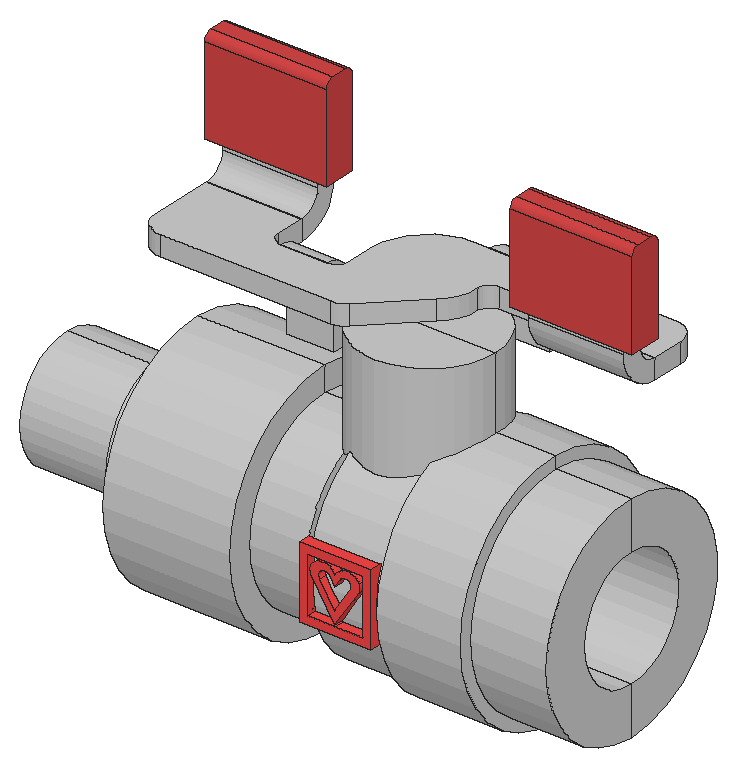
Revit family "Kugelhahn mit Knebelgriff (Blech) 2211", category Rohrzubehör, Revit 2021
Family settings
  Bemaßung runder Anschluss = Durchmesser verwenden
  Teiletyp = Unterbricht
  OmniClass-Nummer = 23.65.55.14
  OmniClass-Titel = Valves for Liquid Services
  Arbeitsebenenbasiert = Nein
  Immer vertikal = Ja
  Beim Laden mit Abzugskörper schneiden = Nein
  Gemeinsam genutzt = Nein
Parameters
  Vorgabe-Ansicht = 0.000 mm
  Min.Betriebstemperatur (Wasser) = 0.5 °C  # constant formula
  Min.Betriebstemperatur = -30 °C  # constant formula
  Max.Betriebstemperatur (Wasser - kein Dampf) = 110 °C  # constant formula
  Max.Betriebstemperatur = 150 °C  # constant formula
  Max.Betriebsdruck (Verschraubung) = 1600000.0 Pa  # constant formula
  Max.Betriebsdruck = 2500000.0 Pa  # constant formula
  W01 = 135.00°  # constant formula
  VRL02 [instance] = size_lookup("2211_3X_", "VRL2", 1.000 mm, Nennweite)  # 16.500 mm
  VRL01 [instance] = size_lookup("2211_3X_", "VRL1", 1.000 mm, Nennweite)  # 16.000 mm
  VRD02 [instance] = size_lookup("2211_3X_", "VRD2", 1.000 mm, Nennweite)  # 15.000 mm
  VRD01 [instance] = size_lookup("2211_3X_", "VRD1", 1.000 mm, Nennweite)  # 10.500 mm
  URL = "www.herz-armaturen.at"
  Spindeldichtung = "PTFE"  # constant formula
  Spindel = "Messing nach EN 12164, CW614N"  # constant formula
  SCRNSEQ = "ARM;ARM_TYP=\"ABVS\";2"
  SCRNCODE = "05;10;02"  # constant formula
  S04 [instance] = L07 + VRL01 + VRL02  # 45.600 mm
  S03 = 10.000 mm  # constant formula
  S02 [instance] = 2 * D01  # 19.050 mm
  S01 [instance] = L01 + L02 + L06  # 47.100 mm
  R01 [instance] = size_lookup("2211_3X_", "R1", 1.000 mm, Nennweite)  # 8.500 mm
  Nennweite [instance] = 15.000 mm
  Medium = "Heizungswasserqualität nach ÖNORM H 5195 oder VDI-Richtline 2035.\r\nDie Verwendung von Ethylen- oder Propylenglykol in einem Mischungsverhältnis 25 - 50% ist zulässig."
  L07 [instance] = L01 - L03  # 13.100 mm
  L06 [instance] = size_lookup("2211_3X_", "L6", 1.000 mm, Nennweite)  # 9.600 mm
  L05 [instance] = size_lookup("2211_3X_", "L5", 1.000 mm, Nennweite)  # 19.900 mm
  L04 [instance] = size_lookup("2211_3X_", "L4", 1.000 mm, Nennweite)  # 10.500 mm
  L03 [instance] = size_lookup("2211_3X_", "L3", 1.000 mm, Nennweite)  # 8.400 mm
  L02 [instance] = size_lookup("2211_3X_", "L2", 1.000 mm, Nennweite)  # 16.000 mm
  L01 [instance] = size_lookup("2211_3X_", "L1", 1.000 mm, Nennweite)  # 21.500 mm
  Kugeldichtung = "PTFE"  # constant formula
  Kugel = "geschmiedetes Messing nach EN 12165, voller Durchgang, verchromt, CW617N"  # constant formula
  Innengewinde = "nach ISO 228-1"  # constant formula
  IG [instance] = Nennweite / 2  # 7.500 mm
  Hersteller = "HERZ Armaturen Ges.m.b.H"  # constant formula
  H01 [instance] = size_lookup("2211_3X_", "H1", 1.000 mm, Nennweite)  # 24.000 mm
  Griff = "Knebelgriff rot, Stahlblech beschichtet"  # constant formula
  Gewicht [instance] = if(Nennweite = 15.000 mm, 0.23, if(Nennweite = 20.000 mm, 0.382, if(Nennweite = 25.000 mm, 0.669, if(Nennweite = 32.000 mm, 1.022, 0))))  # 0.23
  Gehäuse = "geschmiedetes Messing nach EN 12165, vernickelt, CW617N"  # constant formula
  GT1 [instance] = size_lookup("2211_3X_", "GT1", 1.000 mm, Nennweite)  # 10.000 mm
  GT [instance] = size_lookup("2211_3X_", "GT", 1.000 mm, Nennweite)  # 13.200 mm
  Einsatzbereich = "Kugelhähne werden zum Absperren von Leitungen und Anlagen verwendet.\r\nEinsatzbereiche sind Heizungs- und Kälteanlagen.\r\nDer Kugelhahn ist nicht geeignet für die Durchflussregelung und muss immer in voll geöffneter oder geschlossener Position verwendet werden."
  Dichtung (Verschraubung) DN32-DN50 = "KLINGER (Flachdichtung)"  # constant formula
  Dichtung (Verschraubung) DN15-DN25 = "EPDM (O-Ring)"  # constant formula
  DN25-DN32 [instance] = if(Nennweite = 25.000 mm, 38.000 mm, 43.000 mm)  # 43.000 mm
  DN25+DN32 [instance] = or(Nennweite = 25.000 mm, Nennweite = 32.000 mm)  # no
  DN15-DN20 [instance] = if(Nennweite = 15.000 mm, 28.000 mm, 31.000 mm)  # 28.000 mm
  DN15+DN20 [instance] = or(Nennweite = 15.000 mm, Nennweite = 20.000 mm)  # yes
  D05 [instance] = size_lookup("2211_3X_", "D5", 1.000 mm, Nennweite)  # 13.500 mm
  D04 [instance] = size_lookup("2211_3X_", "D4", 1.000 mm, Nennweite)  # 14.000 mm
  D03 [instance] = size_lookup("2211_3X_", "D3", 1.000 mm, Nennweite)  # 15.000 mm
  D02 [instance] = size_lookup("2211_3X_", "D2", 1.000 mm, Nennweite)  # 12.000 mm
  D01 [instance] = size_lookup("2211_3X_", "D1", 1.000 mm, Nennweite)  # 9.525 mm
  Bestellnummer [instance] = size_lookup("2211_3X_", "Artnr", 0, Nennweite)  # 1221131
  Außengewinde = "nach ISO 7-1"  # constant formula
  Anwendungen = "Der Kugelhahn wird in der Installation als Absperreinrichtung verwendet.\r\nAnwendungsgebiete sind Zentralheizungs- und Kälteanlagenlagen.\r\nDie Betriebsbedingungen (wie Temperatur und Druck) sollten konstant gehalten werden."
  AG [instance] = Nennweite / 2  # 7.500 mm
Reference planes
  plane 1 "Mitte (Vorne/hinten)": y = 0
  plane 2: z = 0
  plane 3 "Mitte (Links/rechts)": x = 0
Forms (mm)
  Revolve 1, solid, material "Messing, vernickelt", detail levels fine
    sketch origin (0, 0, 0) x (1, 0, 0) y (0, 0, 1)
      loop
        line (16, 13.5) -> (16, 15) -> (5.5, 15) -> (5.5, 14) -> (-3.9, 14) -> (-5.9, 12) -> (-13.1, 12) -> (-13.1, 9.525) -> (-21.5, 9.525) -> (-21.5, 0) -> (15.6, 0) -> (15.6, 7.5) -> (25.6, 7.5) -> (25.6, 13.5) -> (16, 13.5)
      axis (-21.5, 0) -> (25.6, 0)
    angle from 0 to 360
  Revolve 2, solid, material "Messing, vernickelt", detail levels fine
    sketch origin (0, 0, 0) x (1, 0, 0) y (0, 0, 1)
      loop
        line (0, 0) -> (5.522, 0) -> (5.522, 8.202) -> (8.5, 8.202) -> (8.5, 24) -> (0, 24) -> (0, 0)
      axis (0, 24) -> (0, 0)
    angle from 0 to 360
  Revolve 3, solid, material "Messing, vernickelt", detail levels fine
    sketch origin (0, 0, 0) x (1, 0, 0) y (0, 0, 1)
      loop
        line (-13.1, 9.525) -> (-13.1, 15) -> (-29.1, 15) -> (-29.1, 10.5) -> (-32.4, 10.5) -> (-32.4, 7.5) -> (-45.6, 7.5) -> (-45.6, 0) -> (-21.5, 0) -> (-21.5, 9.525) -> (-13.1, 9.525)
      axis (-45.6, 0) -> (-13.1, 0)
    angle from 0 to 360
Lines and regions (mm)
  model lines, detail levels coarse+medium
    curve 1: line (-23.55, 9.525, 0) -> (-23.55, -9.525, 0)
    curve 2: line (-23.55, -9.525, 0) -> (23.55, 9.525, 0)
    curve 3: line (23.55, 9.525, 0) -> (23.55, -9.525, 0)
    curve 4: line (23.55, -9.525, 0) -> (-23.55, 9.525, 0)
    curve 5: circle (0, 0, 0) r 9.525 normal (0, 0, 1)
    curve 6: line (-23.55, 0, 9.525) -> (-23.55, 0, -9.525)
    curve 7: line (-23.55, 0, -9.525) -> (23.55, 0, 9.525)
    curve 8: line (23.55, 0, 9.525) -> (23.55, 0, -9.525)
    curve 9: line (23.55, 0, -9.525) -> (-23.55, 0, 9.525)
    curve 10: circle (0, 0, 0) r 9.525 normal (0, -1, 0)
    curve 11: line (-23.55, 0, 9.525) -> (-33.55, 0, 9.525)
    curve 12: line (-33.55, 0, 9.525) -> (-23.55, 0, 0)
    curve 13: line (-23.55, 0, -9.525) -> (-33.55, 0, -9.525)
    curve 14: line (-33.55, 0, -9.525) -> (-23.55, 0, 0)
    curve 15: line (-23.55, 0, 0) -> (-45.6, 0, 0)
    curve 16: line (-23.55, 9.525, 0) -> (-33.55, 9.525, 0)
    curve 17: line (-33.55, 9.525, 0) -> (-23.55, 0, 0)
    curve 18: line (-23.55, -9.525, 0) -> (-33.55, -9.525, 0)
    curve 19: line (-33.55, -9.525, 0) -> (-23.55, 0, 0)
    curve 20: line (-23.55, 0, 0) -> (-45.6, 0, 0)
Dimensions and locks
  "L01": Revolve 1 sketch curve to plane 3 "Mitte (Links/rechts)"
  "L02": Revolve 1 sketch curve to plane 3 "Mitte (Links/rechts)"
  "D01": Revolve 1 sketch curve to plane 2
  "D02": Revolve 1 sketch curve to plane 2
  "L03": Revolve 1 sketch curve to Revolve 1 sketch curve
  "R01": Revolve 2 sketch curve to plane 3 "Mitte (Links/rechts)"
  "H01": Revolve 2 sketch curve to plane 2
  "D03": Revolve 1 sketch curve to plane 2
  "D04": Revolve 1 sketch curve to plane 2
  "L04": Revolve 1 sketch curve to Revolve 1 sketch curve
  "L05": Revolve 1 sketch curve to Revolve 1 sketch curve
  "IG": Revolve 1 sketch curve to Revolve 1 sketch curve
  "GT1": Revolve 1 sketch curve to Revolve 1 sketch curve
  "L06": Revolve 1 sketch curve to Revolve 1 sketch curve
  "D05": Revolve 1 sketch curve to Revolve 1 sketch curve
  "D04": nested 1 to plane 1 "Mitte (Vorne/hinten)"
  equal spacing: curve 2, plane 1 "Mitte (Vorne/hinten)", curve 4
  equal spacing: curve 4, plane 1 "Mitte (Vorne/hinten)", curve 3
  "S02": curve 4 to curve 2
  "S02": curve 3 to curve 4
  equal spacing: curve 1, plane 3 "Mitte (Links/rechts)", curve 3
  "S01": curve 1 to curve 3
  "S02": curve 9 to curve 7
  equal spacing: curve 9, plane 2, curve 7
  equal spacing: curve 8, plane 2, curve 9
  "S02": curve 8 to curve 9
  "S01": curve 6 to curve 8
  equal spacing: curve 6, plane 3 "Mitte (Links/rechts)", curve 8
  "AG": Revolve 3 sketch curve to plane 2
  "D01": Revolve 3 sketch curve to Revolve 3 sketch curve
  "L03": Revolve 3 sketch curve to Revolve 3 sketch curve
  "L07": plane 3 "Mitte (Links/rechts)" to Revolve 3 sketch curve
  "VRL01": Revolve 3 sketch curve to Revolve 3 sketch curve
  "VRL02": Revolve 3 sketch curve to Revolve 3 sketch curve
  "GT": Revolve 3 sketch curve to Revolve 3 sketch curve
  "VRD01": Revolve 3 sketch curve to level
  "VRD02": Revolve 3 sketch curve to Revolve 3 sketch curve
  "S04": plane 3 "Mitte (Links/rechts)" to curve 15
  "S03": curve 12 to curve 6
  "S03": curve 17 to curve 1
  "S04": curve 20 to plane 3 "Mitte (Links/rechts)"
  "DN15-DN20": nested 2 to plane 2
  "DN25-DN32": nested 3 to plane 2
  "S02": diameter of curve 5
  "S02": diameter of curve 10
  "W01": angle Revolve 1 sketch curve to Revolve 1 sketch curve
  aligned and locked: level to plane 2
Automatic sketch dimensions
  curve 10 to level = 0.000 mm
  curve 10 to plane 3 "Mitte (Links/rechts)" = 0.000 mm
  curve 15 to level = 0.000 mm
  curve 12 to level = 0.000 mm
  curve 13 to curve 6 = 10.000 mm
  plane 1 "Mitte (Vorne/hinten)" to curve 5 = 0.000 mm
  curve 5 to plane 3 "Mitte (Links/rechts)" = 0.000 mm
  plane 1 "Mitte (Vorne/hinten)" to curve 20 = 0.000 mm
  plane 1 "Mitte (Vorne/hinten)" to curve 19 = 0.000 mm
  curve 18 to curve 1 = 10.000 mm
  Revolve 1 sketch curve to level = 0.000 mm  (x2)
  Revolve 1 sketch curve to Revolve 1 sketch curve = 1481.630 mm
  Revolve 1 sketch curve to Revolve 1 sketch curve = 1814.648 mm
  Revolve 2 sketch curve to level = 0.000 mm
  Revolve 2 sketch curve to plane 3 "Mitte (Links/rechts)" = 0.000 mm  (x2)
  plane 3 "Mitte (Links/rechts)" to Revolve 2 sketch curve = 5.522 mm
  level to Revolve 2 sketch curve = 8.202 mm
  Revolve 2 sketch curve to Revolve 2 sketch curve = 366.045 mm
  Revolve 2 sketch curve to Revolve 2 sketch curve = 2190.315 mm
  Revolve 3 sketch curve to level = 0.000 mm  (x2)
  Revolve 3 sketch curve to Revolve 3 sketch curve = 1461.804 mm
  plane 3 "Mitte (Links/rechts)" to Revolve 3 sketch curve = 1839.148 mm
Nested families
  nested 1: "Herz-Logo-vorne" at (0, -14, 0) x (0, 1, 0) z (0, 0, 1), type "Herz-Logo-vorne", detail levels fine
  nested 2: "Knebelgriff (Blech) DN15-DN20" at (0, 0, 28), visible <- "DN15+DN20", type "Knebelgriff (Blech) DN15-DN20"
  nested 3: "Knebelgriff (Blech) DN25-DN32" at (0, 0, 43), visible <- "DN25+DN32", type "Knebelgriff (Blech) DN25-DN32"
Connectors
  piping at (6.5, 0, 0), diameter 15, driven by "Nennweite"
    settings: on Revolve 1, index 1, connector inside diameter 609.6 mm, connector length 0.000 mm, flow factor 0, pipe flow 0.0 L/s, pressure drop 0.0 Pa, fitting loss kfactor 0, connector angle 0.00°, fixture units 0, engagement length 0.000 mm, angle of deflection 0.00°, flow configuration 0, flow direction 0, fitting loss method 0, system type 7, joint type 0, gender type 0, connector reference index -1, connector utility 0, adjustable connector no, is connector primary yes, connector description ""
  piping at (-45.6, 0, 0), diameter 15, driven by "Nennweite"
    settings: on Revolve 3, index 2, connector inside diameter 609.6 mm, connector length 0.000 mm, flow factor 0, pipe flow 0.0 L/s, pressure drop 0.0 Pa, fitting loss kfactor 0, connector angle 0.00°, fixture units 0, engagement length 0.000 mm, angle of deflection 0.00°, flow configuration 0, flow direction 0, fitting loss method 0, system type 7, joint type 0, gender type 0, connector reference index -1, connector utility 0, adjustable connector no, is connector primary no, connector description ""
Definition of nested family "Herz-Logo-vorne"
  Parameters (values of type "Herz-Logo-vorne")
    Default Elevation = 0.000 mm
  Reference planes
    plane 1 "Mitte (Vorne/hinten)": y = 0
    plane 2: z = 0
    plane 3 "Mitte (Links/rechts)": x = 0
  Forms (mm)
    Extrusion 1, solid
      sketch origin (0.732, -0.018, 0.017) x (0, -1, 0) y (0, 0, 1)
        loop
          line (-0.018, -4.517) -> (4.482, -4.517) -> (4.482, 4.483) -> (-4.518, 4.483) -> (-4.518, -4.517) -> (-0.018, -4.517)
        loop
          line (-0.05, -3.48) -> (3.482, -3.48) -> (3.482, 3.483) -> (-3.518, 3.483) -> (-3.518, -3.48) -> (-0.05, -3.48)
        loop
          arc (-0.018, 2.383) -> (-1.543, 3.287) -> (-3.067, 2.383) r 1.738
          arc (-3.067, 2.383) -> (-3.191, 1.899) -> (-3.067, 1.415) r 1.009
          line (-3.067, 1.415) -> (-0.018, -3.281) -> (3.032, 1.415)
          arc (3.032, 1.415) -> (3.156, 1.899) -> (3.032, 2.383) r 1.009
          arc (3.032, 2.383) -> (1.507, 3.287) -> (-0.018, 2.383) r 1.738
        loop
          arc (1.885, 1.272) -> (2.005, 1.675) -> (1.885, 2.079) r 0.74
          arc (1.885, 2.079) -> (1.265, 2.416) -> (0.644, 2.079) r 0.74
          line (0.644, 2.079) -> (-0.018, 0.97) -> (-0.679, 2.079)
          arc (-0.679, 2.079) -> (-1.3, 2.416) -> (-1.921, 2.079) r 0.74
          arc (-1.921, 2.079) -> (-2.04, 1.675) -> (-1.921, 1.272) r 0.74
          line (-1.921, 1.272) -> (-0.018, -1.658) -> (1.885, 1.272)
      from 0 to 1.5
  Dimensions and locks
    aligned and locked: level to plane 2
Definition of nested family "Knebelgriff (Blech) DN15-DN20"
  Parameters (values of type "Knebelgriff (Blech) DN15-DN20")
    Default Elevation = 0.000 mm
  Reference planes
    plane 1 "Mitte (Vorne/hinten)": y = 0
    plane 2: z = 0
    plane 3 "Mitte (Links/rechts)": x = 0
  Forms (mm)
    Extrusion 1, solid, detail levels fine
      sketch origin (0, 0, 0) x (1, 0, 0) y (0, 1, 0)
        loop
          line (-7, 0) -> (-7, -3.8)
          arc (-7, -3.8) -> (-7.439, -4.861) -> (-8.5, -5.3) r 1.5
          line (-8.5, -5.3) -> (-14.5, -5.3)
          arc (-14.5, -5.3) -> (-15.561, -4.861) -> (-16, -3.8) r 1.5
          line (-16, -3.8) -> (-16, 0) -> (-28, 0) -> (-28, -8.1)
          arc (-28, -8.1) -> (-27.121, -10.221) -> (-25, -11.1) r 3
          line (-25, -11.1) -> (-3.453, -11.1)
          arc (-3.453, -11.1) -> (-2.496, -10.91) -> (-1.685, -10.368) r 2.5
          line (-1.685, -10.368) -> (4.443, -4.24)
          arc (4.443, -4.24) -> (5.743, -2.295) -> (6.2, 0) r 6
          arc (6.2, 0) -> (6.64, 1.06) -> (7.7, 1.499) r 1.5
          line (7.7, 1.499) -> (15.1, 1.499)
          arc (15.1, 1.499) -> (16.16, 1.06) -> (16.6, 0) r 1.5
          line (16.6, 0) -> (28.6, 0) -> (28.6, 4)
          arc (28.6, 4) -> (27.721, 6.121) -> (25.6, 7) r 3
          line (25.6, 7) -> (0, 7)
          arc (0, 7) -> (-4.95, 4.95) -> (-7, 0) r 7
      from 0 to 2.5
    Extrusion 2, solid, detail levels fine
      sketch origin (0, 0, 0) x (0, 1, 0) y (0, 0, 1)
        loop
          arc (2.5, 5) -> (1.768, 3.232) -> (0, 2.5) r 2.5
          line (0, 2.5) -> (0, 0)
          arc (0, 0) -> (3.536, 1.464) -> (5, 5) r 5
          line (5, 5) -> (5, 6) -> (2.5, 6) -> (2.5, 5)
      from -28 to -16
    Extrusion 3, solid, detail levels fine
      sketch origin (0, 5.3, 0) x (0, 1, 0) y (0, 0, 1)
        loop
          line (-7.8, 5) -> (-7.8, 6) -> (-10.3, 6) -> (-10.3, 5)
          arc (-10.3, 5) -> (-8.836, 1.464) -> (-5.3, 0) r 5
          line (-5.3, 0) -> (-5.3, 2.5)
          arc (-5.3, 2.5) -> (-7.068, 3.232) -> (-7.8, 5) r 2.5
      from 16.6 to 28.6
    Extrusion 4, solid, detail levels fine
      sketch origin (0, 0, 0) x (0, 1, 0) y (0, 0, 1)
        loop
          line (5.75, 6) -> (5.75, 17.041)
          arc (5.75, 17.041) -> (5.469, 17.719) -> (4.791, 18) r 0.959
          line (4.791, 18) -> (2.773, 18)
          arc (2.773, 18) -> (2.05, 17.7) -> (1.75, 16.977) r 1.023
          line (1.75, 16.977) -> (1.75, 6) -> (5.75, 6)
      from -29.7 to -14.3
    Extrusion 5, solid, detail levels fine
      sketch origin (0, 0, 0) x (0, 1, 0) y (0, 0, 1)
        loop
          line (-5.75, 6) -> (-1.75, 6) -> (-1.75, 17)
          arc (-1.75, 17) -> (-2.043, 17.707) -> (-2.75, 18) r 1
          line (-2.75, 18) -> (-4.75, 18)
          arc (-4.75, 18) -> (-5.457, 17.707) -> (-5.75, 17) r 1
          line (-5.75, 17) -> (-5.75, 6)
      from 30.3 to 14.9
    Extrusion 6, solid, detail levels fine
      sketch origin (0, 0, 0) x (0, 1, 0) y (0, 0, 1)
        loop
          line (9, -2) -> (9, -8) -> (11.5, -8) -> (11.5, -2)
          arc (11.5, -2) -> (10.182, 1.182) -> (7, 2.5) r 4.5
          line (7, 2.5) -> (7, 0)
          arc (7, 0) -> (8.414, -0.586) -> (9, -2) r 2
      from 8.1 to 2.1
    Extrusion 7, solid, detail levels fine
      sketch origin (0, 0, 0) x (0, 1, 0) y (0, 0, 1)
        loop
          line (-4.3, -1) -> (-4.3, -8) -> (-1.8, -8) -> (-1.8, -1)
          arc (-1.8, -1) -> (-2.825, 1.475) -> (-5.3, 2.5) r 3.5
          line (-5.3, 2.5) -> (-5.3, 0)
          arc (-5.3, 0) -> (-4.593, -0.293) -> (-4.3, -1) r 1
      from -14.5 to -8.5
  Dimensions and locks
    aligned and locked: level to plane 2
Definition of nested family "Knebelgriff (Blech) DN25-DN32"
  Parameters (values of type "Knebelgriff (Blech) DN25-DN32")
    Default Elevation = 0.000 mm
  Reference planes
    plane 1 "Mitte (Vorne/hinten)": y = 0
    plane 2: z = 0
    plane 3 "Mitte (Links/rechts)": x = 0
  Forms (mm)
    Extrusion 1, solid, detail levels fine
      sketch origin (0, 0, 0) x (1, 0, 0) y (0, 1, 0)
        loop
          arc (0, 9) -> (-6.364, 6.364) -> (-9, 0) r 9
          line (-9, 0) -> (-9, -4.1)
          arc (-9, -4.1) -> (-9.439, -5.161) -> (-10.5, -5.6) r 1.5
          line (-10.5, -5.6) -> (-20, -5.6)
          arc (-20, -5.6) -> (-21.061, -5.161) -> (-21.5, -4.1) r 1.5
          line (-21.5, -4.1) -> (-21.5, 0) -> (-39.1, 0) -> (-39.1, -10.6)
          arc (-39.1, -10.6) -> (-38.221, -12.721) -> (-36.1, -13.6) r 3
          line (-36.1, -13.6) -> (-10.5, -13.6)
          arc (-10.5, -13.6) -> (-8.037, -13.275) -> (-5.742, -12.323) r 9.5
          line (-5.742, -12.323) -> (0, -9)
          arc (0, -9) -> (2.463, -8.675) -> (4.758, -7.723) r 9.5
          line (4.758, -7.723) -> (16.029, -0.25)
          arc (16.029, -0.25) -> (16.522, 0.291) -> (16.7, 1) r 1.5
          arc (16.7, 1) -> (17.139, 2.061) -> (18.2, 2.5) r 1.5
          line (18.2, 2.5) -> (20.9, 2.5)
          arc (20.9, 2.5) -> (21.961, 2.061) -> (22.4, 1) r 1.5
          line (22.4, 1) -> (22.4, 0) -> (40, 0) -> (40, 7.5)
          arc (40, 7.5) -> (39.121, 9.621) -> (37, 10.5) r 3
          line (37, 10.5) -> (2.1, 10.5) -> (2.1, 9) -> (0, 9)
      from 0 to 3
    Extrusion 2, solid, detail levels fine
      sketch origin (0, 0, 0) x (0, 1, 0) y (0, 0, 1)
        loop
          arc (3, 6) -> (2.121, 3.879) -> (0, 3) r 3
          line (0, 3) -> (0, 0)
          arc (0, 0) -> (4.243, 1.757) -> (6, 6) r 6
          line (6, 6) -> (3, 6)
      from -39.1 to -21.5
    Extrusion 3, solid, detail levels fine
      sketch origin (0, 0, 0) x (0, 1, 0) y (0, 0, 1)
        loop
          arc (0, 3) -> (-2.121, 3.879) -> (-3, 6) r 3
          line (-3, 6) -> (-6, 6)
          arc (-6, 6) -> (-4.243, 1.757) -> (0, 0) r 6
          line (0, 0) -> (0, 3)
      from 22.4 to 40
    Extrusion 4, solid, detail levels fine
      sketch origin (0, 0, 0) x (0, 1, 0) y (0, 0, 1)
        loop
          line (7.5, 6) -> (7.5, 24.5)
          arc (7.5, 24.5) -> (7.061, 25.561) -> (6, 26) r 1.5
          line (6, 26) -> (3, 26)
          arc (3, 26) -> (1.939, 25.561) -> (1.5, 24.5) r 1.5
          line (1.5, 24.5) -> (1.5, 6) -> (7.5, 6)
      from -42.05 to -18.55
    Extrusion 5, solid, detail levels fine
      sketch origin (0, 0, 0) x (0, 1, 0) y (0, 0, 1)
        loop
          line (-7.5, 6) -> (-1.5, 6) -> (-1.5, 24.5)
          arc (-1.5, 24.5) -> (-1.939, 25.561) -> (-3, 26) r 1.5
          line (-3, 26) -> (-6, 26)
          arc (-6, 26) -> (-7.061, 25.561) -> (-7.5, 24.5) r 1.5
          line (-7.5, 24.5) -> (-7.5, 6)
      from 19.45 to 42.95
    Extrusion 6, solid, detail levels fine
      sketch origin (0, 0, 0) x (0, 1, 0) y (0, 0, 1)
        loop
          arc (14, -0.5) -> (12.975, 1.975) -> (10.5, 3) r 3.5
          line (10.5, 3) -> (10.5, 0)
          arc (10.5, 0) -> (10.854, -0.146) -> (11, -0.5) r 0.5
          line (11, -0.5) -> (11, -9) -> (14, -9) -> (14, -0.5)
      from 2.1 to 8.1
    Extrusion 7, solid, detail levels fine
      sketch origin (0, -16.1, 0) x (0, 1, 0) y (0, 0, 1)
        loop
          arc (14, -0.5) -> (12.975, 1.975) -> (10.5, 3) r 3.5
          line (10.5, 3) -> (10.5, 0)
          arc (10.5, 0) -> (10.854, -0.146) -> (11, -0.5) r 0.5
          line (11, -0.5) -> (11, -9) -> (14, -9) -> (14, -0.5)
      from -12 to -18
  Dimensions and locks
    aligned and locked: level to plane 2
